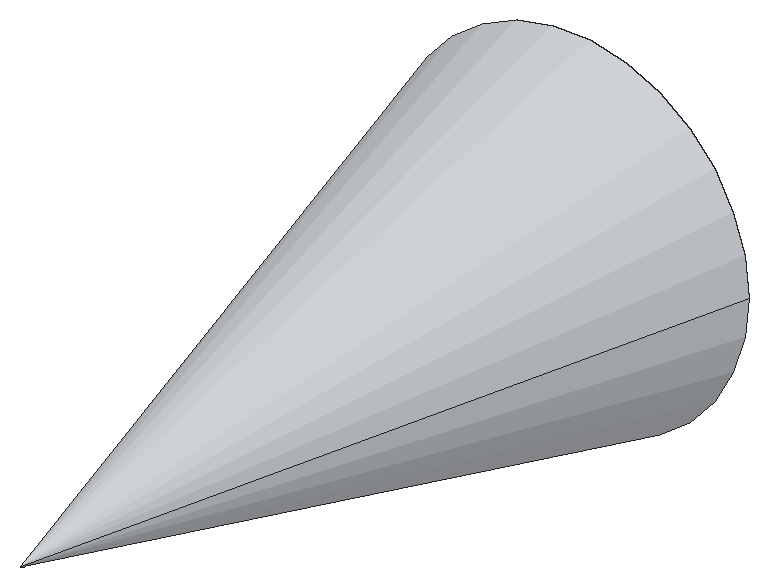
Revit family "Genelec_4040", category Generic Models, Revit 2025
Family settings
  Can host rebar = No
  Round Connector Dimension = Use Diameter
  Part Type = Normal
  Work Plane-Based = No
  Always vertical = No
  Cut with Voids When Loaded = No
  Maintain Annotation Orientation = No
  Shared = No
  Room Calculation Point = Yes
Parameters (values of type "4040 Horizontal")
  Width = 237 mm
  Weight = 9.9
  Vertical Visibility = no
  Uniclass 2.0 Description = "Sound Amplifiers"
  URL = "https://www.genelec.com/4040a"
  Type Image = <None>
  Type IFC Predefined Type = "SPEAKER"
  Type Comments = ""
  Tag = ""
  Price List Description = "Recycled-aluminium cabinet with tightly controlled directivity and minimum diffraction for excellent performance. Both drivers have metal protection grilles, with 165 mm (6.5 in) LF and 19 mm (3/4 in) HF transducers. Integrated crossover and Class D amplifiers 120 W + 120 W. Max. SPL 109 dB, frequency response 50 Hz - 25 kHz (- 6 dB). Room response controls on rear panel to compensate the placement and room effects. On-Off switch on the rear panel. Autostart capable, 12 V remote power on/off switching.  Dimensions: H 350 x W 237 x D 223 mm, weight 9,9 kg."
  Power consumption Standby = "≤0.5 W (ISS Active)"
  Power consumption Idle = "≤15 W"
  Model Image = "https://images.ctfassets.net/4zjnzn055a4v/3dVVKbFT3eqlS8glhfx8UN/fa82451ce8f7716c636af4764f391ff4/PD4040AW03.jpg?fm=jpg&q=85&w=2000"
  Maximum long term RMS acoustic output in same conditions with IEC weighted noise (limited by driver unit protection circuit) = "≥ 101 dB SPL"
  Max. short term sine wave acoustic output  on axis in half space, averaged from 100Hz to 3 kHz = "≥ 109 dB SPL"
  Manufacturer Country = "Finland"
  Line Drawing = "https://assets.ctfassets.net/4zjnzn055a4v/4Mj3lADyQU0YcQOyGUsEQU/14abe31f6ba0aff42675495a1d99d5b9/4040a_views.pdf"
  IFC Classification = "Electric Appliance"
  Self-generated Noise = "≤10 dB"
  Product Group = "4000 Series Installation Speakers"
  Product Family = "Installation Speaker"
  Power Consumption = 170 W
  Mounting Type = "Includes mount: 4000-414B/W"
  Model Name = "4040A"
  Model Description = "Active Installation Speaker"
  Model = "4040A"
  Manufacturer = "GENELEC"
  Mains Voltage = "100, 120, 220 or 230VAC 50/60Hz according to region"
  IFC Name = "4040A"
  Horizontal Visibility = yes
  Height = 350 mm
  Group Delay = "2.2 ms"
  Frequency Response = "50 Hz - 25 kHz (-6 dB)\r\n50 Hz - 25 kHz (-6 dB)"
  Finish Type = "Die cast aluminium"
  Family Version = ""
  Export Type to IFC As = "IfcAudioVisualApplianceType"
  Driver Dimensions = "⌀ 165 mm Woofer + ⌀ 19 mm Tweeter"
  Dispersion Angle = "H 120° V 100°"
  Direction Arrow [instance] = yes
  Description = "The 4040A Active Installation Loudspeaker is the largest of the 4000 series models, designed for larger installations that demand higher playback levels and greater low frequency extension."
  Depth = 223 mm
  Default Elevation = 1200 mm
  Connections = "1 x Euroblock Analog Input\r\n\r\n1 x RJ45 AES67 / Dante Input"
  Color = RAL_9018_Papyrus White
  BIMobject category = "Audio Electronics"
  Acoustic Axis = "225"
  Accuracy of Frequency Response = "± 3 dB (55 Hz - 20 kHz)"
Types (2, lengths in mm): name | Vertical Visibility | Price List Description | Horizontal Visibility | Frequency Response | Connections
  4040 Horizontal | no | "Recycled-aluminium cabinet with tightly controlled directivity and minimum diffraction for excellent performance. Both drivers have metal protection grilles, with 165 mm (6.5 in) LF and 19 mm (3/4 in) HF transducers. Integrated crossover and Class D amplifiers 120 W + 120 W. Max. SPL 109 dB, frequency response 50 Hz - 25 kHz (- 6 dB). Room response controls on rear panel to compensate the placement and room effects. On-Off switch on the rear panel. Autostart capable, 12 V remote power on/off switching.  Dimensions: H 350 x W 237 x D 223 mm, weight 9,9 kg." | yes | "50 Hz - 25 kHz (-6 dB)\r\n50 Hz - 25 kHz (-6 dB)" | "1 x Euroblock Analog Input\r\n\r\n1 x RJ45 AES67 / Dante Input"
  4040 Vertical | yes | "Recycled-aluminium cabinet with tightly controlled directivity and minimum diffraction for excellent performance. Both drivers have metal protection grilles, with 165 mm (6.5 in) LF and 19 mm (3/4 in) HF transducers. Integrated crossover and Class D amplifiers 120 W + 120 W. Max. SPL 109 dB, frequency response 50 Hz - 25 kHz (- 6 dB). Room response controls on rear panel to compensate the placement and room effects. On- Off switch on the rear panel. Autostart capable, 12 V remote power on/off switching. Dimensions: H 350 x W 237 x D 223 mm, weight 9,9 kg." | no | "50 Hz - 25 kHz (-6 dB)" | "1 x Euroblock Analog Input"
Reference planes
  plane 1 "Mitte (Vorne/hinten)": y = 0
  plane 2: z = 0
  plane 3 "Mitte (Links/rechts)": x = 0
Forms (mm)
  Extrusion 1, solid, material "RAL_9018_Papyrus White" <- "Color", visible <- "Vertical Visibility", detail levels medium
    sketch origin (-4.923, 0, -9.846) x (1, 0, 0) y (0, 0, 1)
      loop
        arc (86.393, 128.147) -> (4.876, 137.08) -> (-76.64, 128.147) r 376.418
        arc (-76.64, 128.147) -> (-89.47, 121.509) -> (-95.267, 108.278) r 21.647
        arc (-95.267, 108.278) -> (-106.108, -29.051) -> (-95.267, -166.38) r 875.228
        arc (-95.267, -166.38) -> (-89.47, -179.61) -> (-76.64, -186.247) r 21.646
        arc (-76.64, -186.247) -> (-36.103, -192.943) -> (4.923, -195.18) r 376.409
        arc (4.923, -195.18) -> (45.902, -192.938) -> (86.394, -186.248) r 376.409
        arc (86.394, -186.248) -> (99.38, -179.441) -> (105.049, -165.918) r 21.647
        arc (105.049, -165.918) -> (115.858, -29.05) -> (105.093, 107.82) r 875.525
        arc (105.093, 107.82) -> (99.38, 121.34) -> (86.393, 128.147) r 21.647
    from 0 to 218.337
  Revolve 2, solid, visible <- "Direction Arrow"
    sketch origin (0, -40, 0) x (1, 0, 0) y (0, 1, 0)
      loop
        line (0, -224.533) -> (3.027, -212.76) -> (0, -212.76) -> (0, -224.533)
      axis (0, -212.76) -> (0, -224.533)
    angle from 0 to 360
  Extrusion 3, solid, material "RAL_9018_Papyrus White" <- "Color", visible <- "Vertical Visibility", detail levels coarse
    sketch origin (0, 0, 0) x (1, 0, 0) y (0, 0, 1)
      loop
        line (118.5, 128.3) -> (-118.5, 128.3) -> (-118.5, -221.7) -> (118.5, -221.7) -> (118.5, 128.3)
    from 0 to 223
  Extrusion 4, solid, material "RAL_9018_Papyrus White" <- "Color", visible <- "Horizontal Visibility", detail levels coarse
    sketch origin (0, 0, 0) x (0, 0, -1) y (1, 0, 0)
      loop
        line (118.5, 128.3) -> (-118.5, 128.3) -> (-118.5, -221.7) -> (118.5, -221.7) -> (118.5, 128.3)
    from 0 to 223
  Extrusion 5, solid, material "RAL_9018_Papyrus White" <- "Color", visible <- "Horizontal Visibility", detail levels medium
    sketch origin (-9.846, 0, 4.923) x (0, 0, -1) y (1, 0, 0)
      loop
        arc (86.961, 125.379) -> (1.165, 134.781) -> (-84.631, 125.379) r 396.179
        arc (-84.631, 125.379) -> (-98.134, 118.393) -> (-104.236, 104.468) r 22.783
        arc (-104.236, 104.468) -> (-115.646, -40.071) -> (-104.236, -184.609) r 921.176
        arc (-104.236, -184.609) -> (-98.134, -198.534) -> (-84.631, -205.52) r 22.783
        arc (-84.631, -205.52) -> (-41.965, -212.567) -> (1.214, -214.922) r 396.17
        arc (1.214, -214.922) -> (44.345, -212.562) -> (86.962, -205.52) r 396.17
        arc (86.962, -205.52) -> (100.63, -198.356) -> (106.597, -184.124) r 22.783
        arc (106.597, -184.124) -> (117.973, -40.071) -> (106.643, 103.985) r 921.488
        arc (106.643, 103.985) -> (100.63, 118.215) -> (86.961, 125.379) r 22.783
    from 0 to 218.337
Lines and regions (mm)
  model lines, visible <- "Direction Arrow"
    curve 1: line (0, -218, 0) -> (0, -264.533, 0)
Text (mm)
  text "Hinweis:\n\nÄndern Sie die Familienkategorie, um die passende Kategorie festzulegen.\nLöschen Sie diesen Hinweis und das Bild, bevor die Familie in das Projekt geladen wird!" at (318.521, 206.865, 0), in view "Referenzebene"
Dimensions and locks
  aligned and locked: level to plane 2
  aligned and locked: Extrusion 1 to plane 1 "Mitte (Vorne/hinten)"
  aligned and locked: Revolve 2 sketch curve to curve 1
Nested families
  nested 1: "4040_Combined" at (0, -109.381, 0), visible <- "Vertical Visibility", type "4040_Combined", detail levels fine
  nested 2: "4040_Combined horizontal" at (0, -109.381, 0), visible <- "Horizontal Visibility", type "4040_Combined horizontal", detail levels fine
Definition of nested family "4040_Combined"
  Parameters (values of type "4040_Combined")
    URL = ""
    Type Image = (empty or 0)
    Type IFC Predefined Type = ""
    Type Comments = ""
    Tag = ""
    Shell Material = none
    Model = ""
    Manufacturer = "GENELEC"
    Grille Material = none
    Family Version = ""
    Export Type to IFC As = ""
    Description = ""
    Default Elevation = 0 mm
  Reference planes
    plane 1 "Mitte (Vorne/hinten)": y = 0
    plane 2: z = 0
    plane 3 "Mitte (Links/rechts)": x = 0
  Text (mm)
    text "Hinweis:\n\nÄndern Sie die Familienkategorie, um die passende Kategorie festzulegen.\nLöschen Sie diesen Hinweis und das Bild, bevor die Familie in das Projekt geladen wird!" at (357.802, 307.247, 0), in view "Referenzebene"
  Dimensions and locks
    aligned and locked: level to plane 2
  Nested families
    nested 1: "4040_remainder" at (0, 109.381, 3.302), type "4040_remainder"
    nested 2: "4040_membrane" at (-0.57, 109.229, 3.093), type "4040_membrane"
  Definition of nested family "4040_remainder"
    Parameters (values of type "4040_remainder")
      Shell Material = none
      Default Elevation = 0 mm
    Reference planes
      plane 1 "Center (Front/Back)": y = 0
      plane 2: z = 0
      plane 3 "Center (Left/Right)": x = 0
    Dimensions and locks
      aligned and locked: level to plane 2
  Definition of nested family "4040_membrane"
    Parameters (values of type "4040_membrane")
      Default Elevation = 0 mm
    Reference planes
      plane 1 "Center (Front/Back)": y = 0
      plane 2: z = 0
      plane 3 "Center (Left/Right)": x = 0
    Dimensions and locks
      aligned and locked: level to plane 2
Definition of nested family "4040_Combined horizontal"
  Parameters (values of type "4040_Combined horizontal")
    URL = ""
    Type Image = (empty or 0)
    Type IFC Predefined Type = ""
    Type Comments = ""
    Tag = ""
    Shell Material = none
    Model = ""
    Manufacturer = "GENELEC"
    Grille Material = none
    Family Version = ""
    Export Type to IFC As = ""
    Description = ""
    Default Elevation = 0 mm
  Reference planes
    plane 1 "Mitte (Vorne/hinten)": y = 0
    plane 2: z = 0
    plane 3 "Mitte (Links/rechts)": x = 0
  Text (mm)
    text "Hinweis:\n\nÄndern Sie die Familienkategorie, um die passende Kategorie festzulegen.\nLöschen Sie diesen Hinweis und das Bild, bevor die Familie in das Projekt geladen wird!" at (357.802, 307.247, 0), in view "Referenzebene"
  Dimensions and locks
    aligned and locked: level to plane 2
  Nested families
    nested 1: "4040_horizontal membrane" at (-0.57, 109.229, 3.093), type "4040_horizontal membrane"
    nested 2: "4040_horizontal shell" at (0, 109.381, 3.302), type "4040_horizontal shell"
  Definition of nested family "4040_horizontal membrane"
    Parameters (values of type "4040_horizontal membrane")
      Default Elevation = 0 mm
    Reference planes
      plane 1 "Center (Front/Back)": y = 0
      plane 2: z = 0
      plane 3 "Center (Left/Right)": x = 0
    Dimensions and locks
      aligned and locked: level to plane 2
  Definition of nested family "4040_horizontal shell"
    Parameters (values of type "4040_horizontal shell")
      Shell Material = none
      Default Elevation = 0 mm
    Reference planes
      plane 1 "Center (Front/Back)": y = 0
      plane 2: z = 0
      plane 3 "Center (Left/Right)": x = 0
    Dimensions and locks
      aligned and locked: level to plane 2
